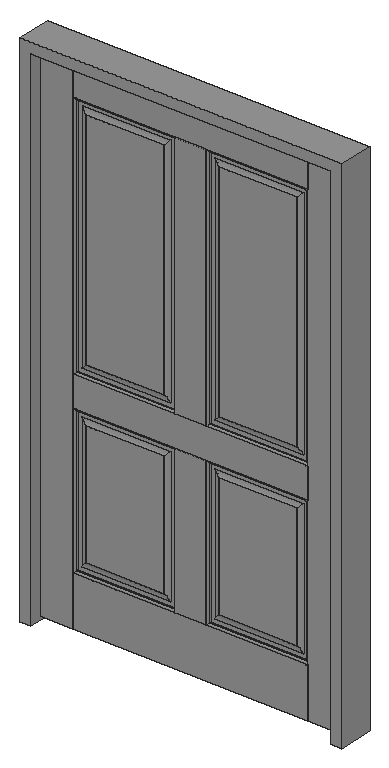
Revit family "V1200MER4PCARVE9", category Doors, host Wall, Revit 2015 (continued)
Automatic sketch dimensions
  Sweep 106 sketch curve to Sweep 106 sketch curve = 0 mm
  Sweep 106 sketch curve to profile plane = 0 mm
  profile plane to Sweep 106 sketch curve = 4 mm
  Sweep 106 sketch curve to profile plane = 4 mm
  plane 6 "Exterior" to Sweep 106 sketch curve = 59 mm
  Sweep 106 sketch curve to Sweep 106 sketch curve = 3.5 mm
  Sweep 107 sketch curve to plane 3 "Left" = 292.09 mm
  Sweep 107 sketch curve to Sweep 107 sketch curve = 47.403 mm  (x2)
  plane 5 to Sweep 107 sketch curve = 945.92 mm
  Sweep 107 sketch curve to profile plane = 0 mm
  profile plane to Sweep 107 sketch curve = 4 mm
  Sweep 107 sketch curve to profile plane = 4 mm
  plane 6 "Exterior" to Sweep 107 sketch curve = 59 mm
  Sweep 107 sketch curve to Sweep 107 sketch curve = 3.5 mm
  plane 3 "Left" to Sweep 108 sketch curve = 289.161 mm  (x2)
  Sweep 108 sketch curve to plane 5 = 857.927 mm
  plane 2 "Center (Left/Right)" to Sweep 108 sketch curve = 284.284 mm
  Sweep 108 sketch curve to Sweep 108 sketch curve = 15.295 mm  (x5)
  plane 3 "Left" to Sweep 108 sketch curve = 273.866 mm
  Sweep 108 sketch curve to profile plane = 0 mm
  profile plane to Sweep 108 sketch curve = 4 mm
  Sweep 108 sketch curve to profile plane = 4 mm
  plane 6 "Exterior" to Sweep 108 sketch curve = 59 mm
  Sweep 108 sketch curve to Sweep 108 sketch curve = 3.5 mm
  plane 2 "Center (Left/Right)" to Sweep 109 sketch curve = 261.918 mm
  Sweep 109 sketch curve to Sweep 109 sketch curve = 15.295 mm  (x6)
  Sweep 109 sketch curve to plane 5 = 964.143 mm
  Sweep 109 sketch curve to Sweep 109 sketch curve = 53.26 mm
  Sweep 109 sketch curve to Sweep 109 sketch curve = 0 mm
  Sweep 109 sketch curve to profile plane = 0 mm
  profile plane to Sweep 109 sketch curve = 4 mm
  Sweep 109 sketch curve to profile plane = 4 mm
  plane 6 "Exterior" to Sweep 109 sketch curve = 59 mm
  Sweep 109 sketch curve to Sweep 109 sketch curve = 3.5 mm
  Sweep 110 sketch curve to plane 2 "Center (Left/Right)" = 251.918 mm
  Sweep 110 sketch curve to Sweep 110 sketch curve = 47.403 mm  (x2)
  plane 5 to Sweep 110 sketch curve = 945.92 mm
  Sweep 110 sketch curve to profile plane = 0 mm
  profile plane to Sweep 110 sketch curve = 4 mm
  Sweep 110 sketch curve to profile plane = 4 mm
  plane 6 "Exterior" to Sweep 110 sketch curve = 59 mm
  Sweep 110 sketch curve to Sweep 110 sketch curve = 3.5 mm
  plane 2 "Center (Left/Right)" to Sweep 111 sketch curve = 254.847 mm  (x2)
  Sweep 111 sketch curve to plane 5 = 857.927 mm
  plane 2 "Center (Left/Right)" to Sweep 111 sketch curve = 186.292 mm
  Sweep 111 sketch curve to Sweep 111 sketch curve = 15.295 mm  (x5)
  plane 2 "Center (Left/Right)" to Sweep 111 sketch curve = 270.142 mm
  Sweep 111 sketch curve to profile plane = 0 mm
  profile plane to Sweep 111 sketch curve = 4 mm
  Sweep 111 sketch curve to profile plane = 4 mm
  plane 6 "Exterior" to Sweep 111 sketch curve = 59 mm
  Sweep 111 sketch curve to Sweep 111 sketch curve = 3.5 mm
  plane 2 "Center (Left/Right)" to Sweep 112 sketch curve = 163.926 mm
  Sweep 112 sketch curve to Sweep 112 sketch curve = 15.295 mm  (x6)
  Sweep 112 sketch curve to plane 5 = 964.143 mm
  Sweep 112 sketch curve to Sweep 112 sketch curve = 53.26 mm
  Sweep 112 sketch curve to Sweep 112 sketch curve = 0 mm
  Sweep 112 sketch curve to profile plane = 0 mm
  profile plane to Sweep 112 sketch curve = 4 mm
  Sweep 112 sketch curve to profile plane = 4 mm
  plane 6 "Exterior" to Sweep 112 sketch curve = 59 mm
  Sweep 112 sketch curve to Sweep 112 sketch curve = 3.5 mm
  Sweep 113 sketch curve to plane 2 "Center (Left/Right)" = 153.926 mm
  Sweep 113 sketch curve to Sweep 113 sketch curve = 14.426 mm
  plane 5 to Sweep 113 sketch curve = 945.92 mm
  Sweep 113 sketch curve to Sweep 113 sketch curve = 47.403 mm
  Sweep 113 sketch curve to profile plane = 0 mm
  profile plane to Sweep 113 sketch curve = 4 mm
  Sweep 113 sketch curve to profile plane = 4 mm
  plane 6 "Exterior" to Sweep 113 sketch curve = 59 mm
  Sweep 113 sketch curve to Sweep 113 sketch curve = 3.5 mm
  plane 2 "Center (Left/Right)" to Sweep 114 sketch curve = 156.855 mm  (x2)
  Sweep 114 sketch curve to plane 5 = 857.927 mm
  plane 2 "Center (Left/Right)" to Sweep 114 sketch curve = 172.15 mm
  Sweep 114 sketch curve to Sweep 114 sketch curve = 15.295 mm  (x2)
  Sweep 114 sketch curve to Sweep 114 sketch curve = 17.355 mm
  Sweep 114 sketch curve to profile plane = 0 mm
  profile plane to Sweep 114 sketch curve = 4 mm
  Sweep 114 sketch curve to profile plane = 4 mm
  plane 6 "Exterior" to Sweep 114 sketch curve = 59 mm
  Sweep 114 sketch curve to Sweep 114 sketch curve = 3.5 mm
  Sweep 115 sketch curve to plane 3 "Left" = 251.5 mm
  Sweep 115 sketch curve to Sweep 115 sketch curve = 15.295 mm  (x6)
  plane 5 to Sweep 115 sketch curve = 866.151 mm
  Sweep 115 sketch curve to Sweep 115 sketch curve = 53.26 mm
  Sweep 115 sketch curve to Sweep 115 sketch curve = 0 mm
  Sweep 115 sketch curve to profile plane = 0 mm
  profile plane to Sweep 115 sketch curve = 4 mm
  Sweep 115 sketch curve to profile plane = 4 mm
  plane 6 "Exterior" to Sweep 115 sketch curve = 59 mm
  Sweep 115 sketch curve to Sweep 115 sketch curve = 3.5 mm
  Sweep 116 sketch curve to plane 3 "Left" = 292.09 mm
  Sweep 116 sketch curve to Sweep 116 sketch curve = 47.403 mm  (x2)
  plane 5 to Sweep 116 sketch curve = 847.927 mm
  Sweep 116 sketch curve to profile plane = 0 mm
  profile plane to Sweep 116 sketch curve = 4 mm
  Sweep 116 sketch curve to profile plane = 4 mm
  plane 6 "Exterior" to Sweep 116 sketch curve = 59 mm
  Sweep 116 sketch curve to Sweep 116 sketch curve = 3.5 mm
  plane 3 "Left" to Sweep 117 sketch curve = 289.161 mm  (x2)
  Sweep 117 sketch curve to plane 5 = 759.935 mm
  plane 2 "Center (Left/Right)" to Sweep 117 sketch curve = 284.284 mm
  Sweep 117 sketch curve to Sweep 117 sketch curve = 15.295 mm  (x5)
  plane 3 "Left" to Sweep 117 sketch curve = 273.866 mm
  Sweep 117 sketch curve to profile plane = 0 mm
  profile plane to Sweep 117 sketch curve = 4 mm
  Sweep 117 sketch curve to profile plane = 4 mm
  plane 6 "Exterior" to Sweep 117 sketch curve = 59 mm
  Sweep 117 sketch curve to Sweep 117 sketch curve = 3.5 mm
  plane 2 "Center (Left/Right)" to Sweep 118 sketch curve = 261.918 mm
  Sweep 118 sketch curve to Sweep 118 sketch curve = 15.295 mm  (x6)
  Sweep 118 sketch curve to plane 5 = 866.151 mm
  Sweep 118 sketch curve to Sweep 118 sketch curve = 53.26 mm
  Sweep 118 sketch curve to Sweep 118 sketch curve = 0 mm
  Sweep 118 sketch curve to profile plane = 0 mm
  profile plane to Sweep 118 sketch curve = 4 mm
  Sweep 118 sketch curve to profile plane = 4 mm
  plane 6 "Exterior" to Sweep 118 sketch curve = 59 mm
  Sweep 118 sketch curve to Sweep 118 sketch curve = 3.5 mm
  Sweep 119 sketch curve to plane 2 "Center (Left/Right)" = 251.918 mm
  Sweep 119 sketch curve to Sweep 119 sketch curve = 47.403 mm  (x2)
  plane 5 to Sweep 119 sketch curve = 847.927 mm
  Sweep 119 sketch curve to profile plane = 0 mm
  profile plane to Sweep 119 sketch curve = 4 mm
  Sweep 119 sketch curve to profile plane = 4 mm
  plane 6 "Exterior" to Sweep 119 sketch curve = 59 mm
  Sweep 119 sketch curve to Sweep 119 sketch curve = 3.5 mm
  plane 2 "Center (Left/Right)" to Sweep 120 sketch curve = 254.847 mm  (x2)
  Sweep 120 sketch curve to plane 5 = 759.935 mm
  plane 2 "Center (Left/Right)" to Sweep 120 sketch curve = 186.292 mm
  Sweep 120 sketch curve to Sweep 120 sketch curve = 15.295 mm  (x5)
  plane 2 "Center (Left/Right)" to Sweep 120 sketch curve = 270.142 mm
  Sweep 120 sketch curve to profile plane = 0 mm
  profile plane to Sweep 120 sketch curve = 4 mm
  Sweep 120 sketch curve to profile plane = 4 mm
  plane 6 "Exterior" to Sweep 120 sketch curve = 59 mm
  Sweep 120 sketch curve to Sweep 120 sketch curve = 3.5 mm
  plane 2 "Center (Left/Right)" to Sweep 121 sketch curve = 163.926 mm
  Sweep 121 sketch curve to Sweep 121 sketch curve = 15.295 mm  (x6)
  Sweep 121 sketch curve to plane 5 = 866.151 mm
  Sweep 121 sketch curve to Sweep 121 sketch curve = 53.26 mm
  Sweep 121 sketch curve to Sweep 121 sketch curve = 0 mm
  Sweep 121 sketch curve to profile plane = 0 mm
  profile plane to Sweep 121 sketch curve = 4 mm
  Sweep 121 sketch curve to profile plane = 4 mm
  plane 6 "Exterior" to Sweep 121 sketch curve = 59 mm
  Sweep 121 sketch curve to Sweep 121 sketch curve = 3.5 mm
  Sweep 122 sketch curve to plane 2 "Center (Left/Right)" = 153.926 mm
  Sweep 122 sketch curve to Sweep 122 sketch curve = 14.426 mm
  plane 5 to Sweep 122 sketch curve = 847.927 mm
  Sweep 122 sketch curve to Sweep 122 sketch curve = 47.403 mm
  Sweep 122 sketch curve to profile plane = 0 mm
  profile plane to Sweep 122 sketch curve = 4 mm
  Sweep 122 sketch curve to profile plane = 4 mm
  plane 6 "Exterior" to Sweep 122 sketch curve = 59 mm
  Sweep 122 sketch curve to Sweep 122 sketch curve = 3.5 mm
  plane 2 "Center (Left/Right)" to Sweep 123 sketch curve = 156.855 mm  (x2)
  Sweep 123 sketch curve to plane 5 = 759.935 mm
  plane 2 "Center (Left/Right)" to Sweep 123 sketch curve = 172.15 mm
  Sweep 123 sketch curve to Sweep 123 sketch curve = 15.295 mm  (x2)
  Sweep 123 sketch curve to Sweep 123 sketch curve = 17.355 mm
  Sweep 123 sketch curve to profile plane = 0 mm
  profile plane to Sweep 123 sketch curve = 4 mm
  Sweep 123 sketch curve to profile plane = 4 mm
  plane 6 "Exterior" to Sweep 123 sketch curve = 59 mm
  Sweep 123 sketch curve to Sweep 123 sketch curve = 3.5 mm
  Sweep 124 sketch curve to plane 3 "Left" = 251.5 mm
  Sweep 124 sketch curve to Sweep 124 sketch curve = 15.295 mm  (x6)
  plane 5 to Sweep 124 sketch curve = 768.159 mm
  Sweep 124 sketch curve to Sweep 124 sketch curve = 53.26 mm
  Sweep 124 sketch curve to Sweep 124 sketch curve = 0 mm
  Sweep 124 sketch curve to profile plane = 0 mm
  profile plane to Sweep 124 sketch curve = 4 mm
  Sweep 124 sketch curve to profile plane = 4 mm
  plane 6 "Exterior" to Sweep 124 sketch curve = 59 mm
  Sweep 124 sketch curve to Sweep 124 sketch curve = 3.5 mm
  Sweep 125 sketch curve to plane 3 "Left" = 292.09 mm
  Sweep 125 sketch curve to Sweep 125 sketch curve = 47.403 mm  (x2)
  plane 5 to Sweep 125 sketch curve = 749.935 mm
  Sweep 125 sketch curve to profile plane = 0 mm
  profile plane to Sweep 125 sketch curve = 4 mm
  Sweep 125 sketch curve to profile plane = 4 mm
  plane 6 "Exterior" to Sweep 125 sketch curve = 59 mm
  Sweep 125 sketch curve to Sweep 125 sketch curve = 3.5 mm
  plane 3 "Left" to Sweep 126 sketch curve = 289.161 mm  (x2)
  Sweep 126 sketch curve to plane 5 = 661.942 mm
  plane 2 "Center (Left/Right)" to Sweep 126 sketch curve = 284.284 mm
  Sweep 126 sketch curve to Sweep 126 sketch curve = 15.295 mm  (x5)
  plane 3 "Left" to Sweep 126 sketch curve = 273.866 mm
  Sweep 126 sketch curve to profile plane = 0 mm
  profile plane to Sweep 126 sketch curve = 4 mm
  Sweep 126 sketch curve to profile plane = 4 mm
  plane 6 "Exterior" to Sweep 126 sketch curve = 59 mm
  Sweep 126 sketch curve to Sweep 126 sketch curve = 3.5 mm
  plane 2 "Center (Left/Right)" to Sweep 127 sketch curve = 261.918 mm
  Sweep 127 sketch curve to Sweep 127 sketch curve = 15.295 mm  (x6)
  Sweep 127 sketch curve to plane 5 = 768.159 mm
  Sweep 127 sketch curve to Sweep 127 sketch curve = 53.26 mm
  Sweep 127 sketch curve to Sweep 127 sketch curve = 0 mm
  Sweep 127 sketch curve to profile plane = 0 mm
  profile plane to Sweep 127 sketch curve = 4 mm
  Sweep 127 sketch curve to profile plane = 4 mm
  plane 6 "Exterior" to Sweep 127 sketch curve = 59 mm
  Sweep 127 sketch curve to Sweep 127 sketch curve = 3.5 mm
  Sweep 128 sketch curve to plane 2 "Center (Left/Right)" = 251.918 mm
  Sweep 128 sketch curve to Sweep 128 sketch curve = 47.403 mm  (x2)
  plane 5 to Sweep 128 sketch curve = 749.935 mm
  Sweep 128 sketch curve to profile plane = 0 mm
  profile plane to Sweep 128 sketch curve = 4 mm
  Sweep 128 sketch curve to profile plane = 4 mm
  plane 6 "Exterior" to Sweep 128 sketch curve = 59 mm
  Sweep 128 sketch curve to Sweep 128 sketch curve = 3.5 mm
  plane 2 "Center (Left/Right)" to Sweep 129 sketch curve = 254.847 mm  (x2)
  Sweep 129 sketch curve to plane 5 = 661.942 mm
  plane 2 "Center (Left/Right)" to Sweep 129 sketch curve = 186.292 mm
  Sweep 129 sketch curve to Sweep 129 sketch curve = 15.295 mm  (x5)
  plane 2 "Center (Left/Right)" to Sweep 129 sketch curve = 270.142 mm
  Sweep 129 sketch curve to profile plane = 0 mm
  profile plane to Sweep 129 sketch curve = 4 mm
  Sweep 129 sketch curve to profile plane = 4 mm
  plane 6 "Exterior" to Sweep 129 sketch curve = 59 mm
  Sweep 129 sketch curve to Sweep 129 sketch curve = 3.5 mm
  plane 2 "Center (Left/Right)" to Sweep 130 sketch curve = 163.926 mm
  Sweep 130 sketch curve to Sweep 130 sketch curve = 15.295 mm  (x6)
  Sweep 130 sketch curve to plane 5 = 768.159 mm
  Sweep 130 sketch curve to Sweep 130 sketch curve = 53.26 mm
  Sweep 130 sketch curve to Sweep 130 sketch curve = 0 mm
  Sweep 130 sketch curve to profile plane = 0 mm
  profile plane to Sweep 130 sketch curve = 4 mm
  Sweep 130 sketch curve to profile plane = 4 mm
  plane 6 "Exterior" to Sweep 130 sketch curve = 59 mm
  Sweep 130 sketch curve to Sweep 130 sketch curve = 3.5 mm
  Sweep 131 sketch curve to plane 2 "Center (Left/Right)" = 153.926 mm
  Sweep 131 sketch curve to Sweep 131 sketch curve = 14.426 mm
  plane 5 to Sweep 131 sketch curve = 749.935 mm
  Sweep 131 sketch curve to Sweep 131 sketch curve = 47.403 mm
  Sweep 131 sketch curve to profile plane = 0 mm
  profile plane to Sweep 131 sketch curve = 4 mm
  Sweep 131 sketch curve to profile plane = 4 mm
  plane 6 "Exterior" to Sweep 131 sketch curve = 59 mm
  Sweep 131 sketch curve to Sweep 131 sketch curve = 3.5 mm
  plane 2 "Center (Left/Right)" to Sweep 132 sketch curve = 156.855 mm  (x2)
  Sweep 132 sketch curve to plane 5 = 661.942 mm
  plane 2 "Center (Left/Right)" to Sweep 132 sketch curve = 172.15 mm
  Sweep 132 sketch curve to Sweep 132 sketch curve = 15.295 mm  (x2)
  Sweep 132 sketch curve to Sweep 132 sketch curve = 17.355 mm
  Sweep 132 sketch curve to profile plane = 0 mm
  profile plane to Sweep 132 sketch curve = 4 mm
  Sweep 132 sketch curve to profile plane = 4 mm
  plane 6 "Exterior" to Sweep 132 sketch curve = 59 mm
  Sweep 132 sketch curve to Sweep 132 sketch curve = 3.5 mm
  Sweep 133 sketch curve to plane 3 "Left" = 251.5 mm
  Sweep 133 sketch curve to Sweep 133 sketch curve = 15.295 mm  (x6)
  plane 5 to Sweep 133 sketch curve = 670.166 mm
  Sweep 133 sketch curve to Sweep 133 sketch curve = 53.26 mm
  Sweep 133 sketch curve to Sweep 133 sketch curve = 0 mm
  Sweep 133 sketch curve to profile plane = 0 mm
  profile plane to Sweep 133 sketch curve = 4 mm
  Sweep 133 sketch curve to profile plane = 4 mm
  plane 6 "Exterior" to Sweep 133 sketch curve = 59 mm
  Sweep 133 sketch curve to Sweep 133 sketch curve = 3.5 mm
  Sweep 134 sketch curve to plane 3 "Left" = 292.09 mm
  Sweep 134 sketch curve to Sweep 134 sketch curve = 47.403 mm  (x2)
  plane 5 to Sweep 134 sketch curve = 651.942 mm
  Sweep 134 sketch curve to profile plane = 0 mm
  profile plane to Sweep 134 sketch curve = 4 mm
  Sweep 134 sketch curve to profile plane = 4 mm
  plane 6 "Exterior" to Sweep 134 sketch curve = 59 mm
  Sweep 134 sketch curve to Sweep 134 sketch curve = 3.5 mm
  Sweep 135 sketch curve to plane 5 = 563.95 mm
  plane 2 "Center (Left/Right)" to Sweep 135 sketch curve = 284.284 mm
  Sweep 135 sketch curve to Sweep 135 sketch curve = 15.295 mm  (x6)
  plane 3 "Left" to Sweep 135 sketch curve = 273.866 mm
  plane 3 "Left" to Sweep 135 sketch curve = 289.161 mm
  Sweep 135 sketch curve to profile plane = 0 mm
  profile plane to Sweep 135 sketch curve = 4 mm
  Sweep 135 sketch curve to profile plane = 4 mm
  plane 6 "Exterior" to Sweep 135 sketch curve = 59 mm
  Sweep 135 sketch curve to Sweep 135 sketch curve = 3.5 mm
  plane 2 "Center (Left/Right)" to Sweep 136 sketch curve = 261.918 mm
  Sweep 136 sketch curve to Sweep 136 sketch curve = 15.295 mm  (x6)
  Sweep 136 sketch curve to plane 5 = 670.166 mm
  Sweep 136 sketch curve to Sweep 136 sketch curve = 53.26 mm
  Sweep 136 sketch curve to Sweep 136 sketch curve = 0 mm
  Sweep 136 sketch curve to profile plane = 0 mm
  profile plane to Sweep 136 sketch curve = 4 mm
  Sweep 136 sketch curve to profile plane = 4 mm
  plane 6 "Exterior" to Sweep 136 sketch curve = 59 mm
  Sweep 136 sketch curve to Sweep 136 sketch curve = 3.5 mm
  Sweep 137 sketch curve to plane 2 "Center (Left/Right)" = 251.918 mm
  Sweep 137 sketch curve to Sweep 137 sketch curve = 47.403 mm  (x2)
  plane 5 to Sweep 137 sketch curve = 651.942 mm
  Sweep 137 sketch curve to profile plane = 0 mm
  profile plane to Sweep 137 sketch curve = 4 mm
  Sweep 137 sketch curve to profile plane = 4 mm
  plane 6 "Exterior" to Sweep 137 sketch curve = 59 mm
  Sweep 137 sketch curve to Sweep 137 sketch curve = 3.5 mm
  plane 2 "Center (Left/Right)" to Sweep 138 sketch curve = 254.847 mm  (x2)
  Sweep 138 sketch curve to plane 5 = 563.95 mm
  plane 2 "Center (Left/Right)" to Sweep 138 sketch curve = 186.292 mm
  Sweep 138 sketch curve to Sweep 138 sketch curve = 15.295 mm  (x5)
  plane 2 "Center (Left/Right)" to Sweep 138 sketch curve = 270.142 mm
  Sweep 138 sketch curve to profile plane = 0 mm
  profile plane to Sweep 138 sketch curve = 4 mm
  Sweep 138 sketch curve to profile plane = 4 mm
  plane 6 "Exterior" to Sweep 138 sketch curve = 59 mm
  Sweep 138 sketch curve to Sweep 138 sketch curve = 3.5 mm
  plane 2 "Center (Left/Right)" to Sweep 139 sketch curve = 163.926 mm
  Sweep 139 sketch curve to Sweep 139 sketch curve = 15.295 mm  (x6)
  Sweep 139 sketch curve to plane 5 = 670.166 mm
  Sweep 139 sketch curve to Sweep 139 sketch curve = 53.26 mm
  Sweep 139 sketch curve to Sweep 139 sketch curve = 0 mm
  Sweep 139 sketch curve to profile plane = 0 mm
  profile plane to Sweep 139 sketch curve = 4 mm
  Sweep 139 sketch curve to profile plane = 4 mm
  plane 6 "Exterior" to Sweep 139 sketch curve = 59 mm
  Sweep 139 sketch curve to Sweep 139 sketch curve = 3.5 mm
  Sweep 140 sketch curve to plane 2 "Center (Left/Right)" = 153.926 mm
  Sweep 140 sketch curve to Sweep 140 sketch curve = 14.426 mm
  plane 5 to Sweep 140 sketch curve = 651.942 mm
  Sweep 140 sketch curve to Sweep 140 sketch curve = 47.403 mm
  Sweep 140 sketch curve to profile plane = 0 mm
  profile plane to Sweep 140 sketch curve = 4 mm
  Sweep 140 sketch curve to profile plane = 4 mm
  plane 6 "Exterior" to Sweep 140 sketch curve = 59 mm
  Sweep 140 sketch curve to Sweep 140 sketch curve = 3.5 mm
  plane 2 "Center (Left/Right)" to Sweep 141 sketch curve = 156.855 mm  (x2)
  Sweep 141 sketch curve to plane 5 = 563.95 mm
  plane 2 "Center (Left/Right)" to Sweep 141 sketch curve = 172.15 mm
  Sweep 141 sketch curve to Sweep 141 sketch curve = 15.295 mm  (x2)
  Sweep 141 sketch curve to Sweep 141 sketch curve = 17.355 mm
  Sweep 141 sketch curve to profile plane = 0 mm
  profile plane to Sweep 141 sketch curve = 4 mm
  Sweep 141 sketch curve to profile plane = 4 mm
  plane 6 "Exterior" to Sweep 141 sketch curve = 59 mm
  Sweep 141 sketch curve to Sweep 141 sketch curve = 3.5 mm
  Sweep 142 sketch curve to plane 3 "Left" = 251.5 mm
  Sweep 142 sketch curve to Sweep 142 sketch curve = 15.295 mm  (x6)
  plane 5 to Sweep 142 sketch curve = 572.173 mm
  Sweep 142 sketch curve to Sweep 142 sketch curve = 53.26 mm
  Sweep 142 sketch curve to Sweep 142 sketch curve = 0 mm
  Sweep 142 sketch curve to profile plane = 0 mm
  profile plane to Sweep 142 sketch curve = 4 mm
  Sweep 142 sketch curve to profile plane = 4 mm
  plane 6 "Exterior" to Sweep 142 sketch curve = 59 mm
  Sweep 142 sketch curve to Sweep 142 sketch curve = 3.5 mm
  Sweep 143 sketch curve to plane 3 "Left" = 292.09 mm
  Sweep 143 sketch curve to Sweep 143 sketch curve = 47.403 mm  (x2)
  plane 5 to Sweep 143 sketch curve = 553.95 mm
  Sweep 143 sketch curve to profile plane = 0 mm
  profile plane to Sweep 143 sketch curve = 4 mm
  Sweep 143 sketch curve to profile plane = 4 mm
  plane 6 "Exterior" to Sweep 143 sketch curve = 59 mm
  Sweep 143 sketch curve to Sweep 143 sketch curve = 3.5 mm
  Sweep 144 sketch curve to plane 5 = 465.957 mm
  Sweep 144 sketch curve to Sweep 144 sketch curve = 15.295 mm  (x6)
  plane 2 "Center (Left/Right)" to Sweep 144 sketch curve = 284.284 mm
  Sweep 144 sketch curve to Sweep 144 sketch curve = 53.26 mm
  Sweep 144 sketch curve to Sweep 144 sketch curve = 0 mm
  Sweep 144 sketch curve to profile plane = 0 mm
  profile plane to Sweep 144 sketch curve = 4 mm
  Sweep 144 sketch curve to profile plane = 4 mm
  plane 6 "Exterior" to Sweep 144 sketch curve = 59 mm
  Sweep 144 sketch curve to Sweep 144 sketch curve = 3.5 mm
  plane 2 "Center (Left/Right)" to Sweep 145 sketch curve = 261.918 mm
  Sweep 145 sketch curve to Sweep 145 sketch curve = 15.295 mm  (x6)
  Sweep 145 sketch curve to plane 5 = 572.173 mm
  Sweep 145 sketch curve to Sweep 145 sketch curve = 53.26 mm
  Sweep 145 sketch curve to Sweep 145 sketch curve = 0 mm
  Sweep 145 sketch curve to profile plane = 0 mm
  profile plane to Sweep 145 sketch curve = 4 mm
  Sweep 145 sketch curve to profile plane = 4 mm
  plane 6 "Exterior" to Sweep 145 sketch curve = 59 mm
  Sweep 145 sketch curve to Sweep 145 sketch curve = 3.5 mm
  Sweep 146 sketch curve to plane 2 "Center (Left/Right)" = 251.918 mm
  Sweep 146 sketch curve to Sweep 146 sketch curve = 47.403 mm  (x2)
  plane 5 to Sweep 146 sketch curve = 553.95 mm
  Sweep 146 sketch curve to profile plane = 0 mm
  profile plane to Sweep 146 sketch curve = 4 mm
  Sweep 146 sketch curve to profile plane = 4 mm
  plane 6 "Exterior" to Sweep 146 sketch curve = 59 mm
  Sweep 146 sketch curve to Sweep 146 sketch curve = 3.5 mm
  Sweep 147 sketch curve to plane 5 = 465.957 mm
  plane 2 "Center (Left/Right)" to Sweep 147 sketch curve = 186.292 mm
  Sweep 147 sketch curve to Sweep 147 sketch curve = 15.295 mm  (x6)
  Sweep 147 sketch curve to Sweep 147 sketch curve = 53.26 mm
  Sweep 147 sketch curve to Sweep 147 sketch curve = 0 mm
  Sweep 147 sketch curve to profile plane = 0 mm
  profile plane to Sweep 147 sketch curve = 4 mm
  Sweep 147 sketch curve to profile plane = 4 mm
  plane 6 "Exterior" to Sweep 147 sketch curve = 59 mm
  Sweep 147 sketch curve to Sweep 147 sketch curve = 3.5 mm
  plane 2 "Center (Left/Right)" to Sweep 148 sketch curve = 163.926 mm
  Sweep 148 sketch curve to Sweep 148 sketch curve = 15.295 mm  (x6)
  Sweep 148 sketch curve to plane 5 = 572.173 mm
  Sweep 148 sketch curve to Sweep 148 sketch curve = 53.26 mm
  Sweep 148 sketch curve to Sweep 148 sketch curve = 0 mm
  Sweep 148 sketch curve to profile plane = 0 mm
  profile plane to Sweep 148 sketch curve = 4 mm
  Sweep 148 sketch curve to profile plane = 4 mm
  plane 6 "Exterior" to Sweep 148 sketch curve = 59 mm
  Sweep 148 sketch curve to Sweep 148 sketch curve = 3.5 mm
  Sweep 149 sketch curve to plane 2 "Center (Left/Right)" = 153.926 mm
  Sweep 149 sketch curve to Sweep 149 sketch curve = 14.426 mm
  plane 5 to Sweep 149 sketch curve = 553.95 mm
  Sweep 149 sketch curve to Sweep 149 sketch curve = 47.403 mm
  Sweep 149 sketch curve to profile plane = 0 mm
  profile plane to Sweep 149 sketch curve = 4 mm
  Sweep 149 sketch curve to profile plane = 4 mm
  plane 6 "Exterior" to Sweep 149 sketch curve = 59 mm
  Sweep 149 sketch curve to Sweep 149 sketch curve = 3.5 mm
  plane 2 "Center (Left/Right)" to Sweep 150 sketch curve = 156.855 mm  (x2)
  Sweep 150 sketch curve to plane 5 = 465.957 mm
  plane 2 "Center (Left/Right)" to Sweep 150 sketch curve = 172.15 mm
  Sweep 150 sketch curve to Sweep 150 sketch curve = 15.295 mm  (x2)
  Sweep 150 sketch curve to Sweep 150 sketch curve = 17.355 mm
  Sweep 150 sketch curve to profile plane = 0 mm
  profile plane to Sweep 150 sketch curve = 4 mm
  Sweep 150 sketch curve to profile plane = 4 mm
  plane 6 "Exterior" to Sweep 150 sketch curve = 59 mm
  Sweep 150 sketch curve to Sweep 150 sketch curve = 3.5 mm
  Sweep 151 sketch curve to plane 3 "Left" = 251.5 mm
  Sweep 151 sketch curve to Sweep 151 sketch curve = 15.295 mm  (x6)
  plane 5 to Sweep 151 sketch curve = 474.181 mm
  Sweep 151 sketch curve to Sweep 151 sketch curve = 53.26 mm
  Sweep 151 sketch curve to Sweep 151 sketch curve = 0 mm
  Sweep 151 sketch curve to profile plane = 0 mm
  profile plane to Sweep 151 sketch curve = 4 mm
  Sweep 151 sketch curve to profile plane = 4 mm
  plane 6 "Exterior" to Sweep 151 sketch curve = 59 mm
  Sweep 151 sketch curve to Sweep 151 sketch curve = 3.5 mm
  Sweep 152 sketch curve to plane 3 "Left" = 292.09 mm
  Sweep 152 sketch curve to Sweep 152 sketch curve = 47.403 mm  (x2)
  plane 5 to Sweep 152 sketch curve = 455.957 mm
  Sweep 152 sketch curve to profile plane = 0 mm
  profile plane to Sweep 152 sketch curve = 4 mm
  Sweep 152 sketch curve to profile plane = 4 mm
  plane 6 "Exterior" to Sweep 152 sketch curve = 59 mm
  Sweep 152 sketch curve to Sweep 152 sketch curve = 3.5 mm
  Sweep 153 sketch curve to plane 5 = 367.965 mm
  Sweep 153 sketch curve to Sweep 153 sketch curve = 15.295 mm  (x6)
  plane 2 "Center (Left/Right)" to Sweep 153 sketch curve = 284.284 mm
  Sweep 153 sketch curve to Sweep 153 sketch curve = 53.26 mm
  Sweep 153 sketch curve to Sweep 153 sketch curve = 0 mm
  Sweep 153 sketch curve to profile plane = 0 mm
  profile plane to Sweep 153 sketch curve = 4 mm
  Sweep 153 sketch curve to profile plane = 4 mm
  plane 6 "Exterior" to Sweep 153 sketch curve = 59 mm
  Sweep 153 sketch curve to Sweep 153 sketch curve = 3.5 mm
  plane 2 "Center (Left/Right)" to Sweep 154 sketch curve = 261.918 mm
  Sweep 154 sketch curve to Sweep 154 sketch curve = 15.295 mm  (x6)
  Sweep 154 sketch curve to plane 5 = 474.181 mm
  Sweep 154 sketch curve to Sweep 154 sketch curve = 53.26 mm
  Sweep 154 sketch curve to Sweep 154 sketch curve = 0 mm
  Sweep 154 sketch curve to profile plane = 0 mm
  profile plane to Sweep 154 sketch curve = 4 mm
  Sweep 154 sketch curve to profile plane = 4 mm
  plane 6 "Exterior" to Sweep 154 sketch curve = 59 mm
  Sweep 154 sketch curve to Sweep 154 sketch curve = 3.5 mm
  Sweep 155 sketch curve to plane 2 "Center (Left/Right)" = 251.918 mm
  Sweep 155 sketch curve to Sweep 155 sketch curve = 47.403 mm  (x2)
  plane 5 to Sweep 155 sketch curve = 455.957 mm
  Sweep 155 sketch curve to profile plane = 0 mm
  profile plane to Sweep 155 sketch curve = 4 mm
  Sweep 155 sketch curve to profile plane = 4 mm
  plane 6 "Exterior" to Sweep 155 sketch curve = 59 mm
  Sweep 155 sketch curve to Sweep 155 sketch curve = 3.5 mm
  Sweep 156 sketch curve to plane 5 = 367.965 mm
  plane 2 "Center (Left/Right)" to Sweep 156 sketch curve = 186.292 mm
  Sweep 156 sketch curve to Sweep 156 sketch curve = 15.295 mm  (x6)
  Sweep 156 sketch curve to Sweep 156 sketch curve = 53.26 mm
  Sweep 156 sketch curve to Sweep 156 sketch curve = 0 mm
  Sweep 156 sketch curve to profile plane = 0 mm
  profile plane to Sweep 156 sketch curve = 4 mm
  Sweep 156 sketch curve to profile plane = 4 mm
  plane 6 "Exterior" to Sweep 156 sketch curve = 59 mm
  Sweep 156 sketch curve to Sweep 156 sketch curve = 3.5 mm
  plane 2 "Center (Left/Right)" to Sweep 157 sketch curve = 163.926 mm
  Sweep 157 sketch curve to Sweep 157 sketch curve = 15.295 mm  (x6)
  Sweep 157 sketch curve to plane 5 = 474.181 mm
  Sweep 157 sketch curve to Sweep 157 sketch curve = 53.26 mm
  Sweep 157 sketch curve to Sweep 157 sketch curve = 0 mm
  Sweep 157 sketch curve to profile plane = 0 mm
  profile plane to Sweep 157 sketch curve = 4 mm
  Sweep 157 sketch curve to profile plane = 4 mm
  plane 6 "Exterior" to Sweep 157 sketch curve = 59 mm
  Sweep 157 sketch curve to Sweep 157 sketch curve = 3.5 mm
  Sweep 158 sketch curve to plane 2 "Center (Left/Right)" = 153.926 mm
  Sweep 158 sketch curve to Sweep 158 sketch curve = 14.426 mm
  plane 5 to Sweep 158 sketch curve = 455.957 mm
  Sweep 158 sketch curve to Sweep 158 sketch curve = 47.403 mm
  Sweep 158 sketch curve to profile plane = 0 mm
  profile plane to Sweep 158 sketch curve = 4 mm
  Sweep 158 sketch curve to profile plane = 4 mm
  plane 6 "Exterior" to Sweep 158 sketch curve = 59 mm
  Sweep 158 sketch curve to Sweep 158 sketch curve = 3.5 mm
  plane 2 "Center (Left/Right)" to Sweep 159 sketch curve = 156.855 mm  (x2)
  Sweep 159 sketch curve to plane 5 = 367.965 mm
  plane 2 "Center (Left/Right)" to Sweep 159 sketch curve = 172.15 mm
  Sweep 159 sketch curve to Sweep 159 sketch curve = 15.295 mm  (x2)
  Sweep 159 sketch curve to Sweep 159 sketch curve = 17.355 mm
  Sweep 159 sketch curve to profile plane = 0 mm
  profile plane to Sweep 159 sketch curve = 4 mm
  Sweep 159 sketch curve to profile plane = 4 mm
  plane 6 "Exterior" to Sweep 159 sketch curve = 59 mm
  Sweep 159 sketch curve to Sweep 159 sketch curve = 3.5 mm
  Sweep 160 sketch curve to plane 3 "Left" = 251.5 mm
  Sweep 160 sketch curve to Sweep 160 sketch curve = 15.295 mm  (x6)
  plane 5 to Sweep 160 sketch curve = 376.189 mm
  Sweep 160 sketch curve to Sweep 160 sketch curve = 53.26 mm
  Sweep 160 sketch curve to Sweep 160 sketch curve = 0 mm
  Sweep 160 sketch curve to profile plane = 0 mm
  profile plane to Sweep 160 sketch curve = 4 mm
  Sweep 160 sketch curve to profile plane = 4 mm
  plane 6 "Exterior" to Sweep 160 sketch curve = 59 mm
  Sweep 160 sketch curve to Sweep 160 sketch curve = 3.5 mm
  Sweep 161 sketch curve to plane 3 "Left" = 292.09 mm
  Sweep 161 sketch curve to Sweep 161 sketch curve = 47.403 mm  (x2)
  plane 5 to Sweep 161 sketch curve = 357.965 mm
  Sweep 161 sketch curve to profile plane = 0 mm
  profile plane to Sweep 161 sketch curve = 4 mm
  Sweep 161 sketch curve to profile plane = 4 mm
  plane 6 "Exterior" to Sweep 161 sketch curve = 59 mm
  Sweep 161 sketch curve to Sweep 161 sketch curve = 3.5 mm
  Sweep 162 sketch curve to plane 5 = 269.973 mm
  Sweep 162 sketch curve to Sweep 162 sketch curve = 15.295 mm  (x6)
  plane 2 "Center (Left/Right)" to Sweep 162 sketch curve = 284.284 mm
  Sweep 162 sketch curve to Sweep 162 sketch curve = 53.26 mm
  Sweep 162 sketch curve to Sweep 162 sketch curve = 0 mm
  Sweep 162 sketch curve to profile plane = 0 mm
  profile plane to Sweep 162 sketch curve = 4 mm
  Sweep 162 sketch curve to profile plane = 4 mm
  plane 6 "Exterior" to Sweep 162 sketch curve = 59 mm
  Sweep 162 sketch curve to Sweep 162 sketch curve = 3.5 mm
  plane 2 "Center (Left/Right)" to Sweep 163 sketch curve = 261.918 mm
  Sweep 163 sketch curve to Sweep 163 sketch curve = 15.295 mm  (x6)
  Sweep 163 sketch curve to plane 5 = 376.189 mm
  Sweep 163 sketch curve to Sweep 163 sketch curve = 53.26 mm
  Sweep 163 sketch curve to Sweep 163 sketch curve = 0 mm
  Sweep 163 sketch curve to profile plane = 0 mm
  profile plane to Sweep 163 sketch curve = 4 mm
  Sweep 163 sketch curve to profile plane = 4 mm
  plane 6 "Exterior" to Sweep 163 sketch curve = 59 mm
  Sweep 163 sketch curve to Sweep 163 sketch curve = 3.5 mm
  Sweep 164 sketch curve to plane 2 "Center (Left/Right)" = 251.918 mm
  Sweep 164 sketch curve to Sweep 164 sketch curve = 47.403 mm  (x2)
  plane 5 to Sweep 164 sketch curve = 357.965 mm
  Sweep 164 sketch curve to profile plane = 0 mm
  profile plane to Sweep 164 sketch curve = 4 mm
  Sweep 164 sketch curve to profile plane = 4 mm
  plane 6 "Exterior" to Sweep 164 sketch curve = 59 mm
  Sweep 164 sketch curve to Sweep 164 sketch curve = 3.5 mm
  Sweep 165 sketch curve to plane 5 = 269.973 mm
  Sweep 165 sketch curve to Sweep 165 sketch curve = 15.295 mm  (x6)
  plane 2 "Center (Left/Right)" to Sweep 165 sketch curve = 186.292 mm
  Sweep 165 sketch curve to Sweep 165 sketch curve = 53.26 mm
  Sweep 165 sketch curve to Sweep 165 sketch curve = 0 mm
  Sweep 165 sketch curve to profile plane = 0 mm
  profile plane to Sweep 165 sketch curve = 4 mm
  Sweep 165 sketch curve to profile plane = 4 mm
  plane 6 "Exterior" to Sweep 165 sketch curve = 59 mm
  Sweep 165 sketch curve to Sweep 165 sketch curve = 3.5 mm
  plane 2 "Center (Left/Right)" to Sweep 166 sketch curve = 163.926 mm
  Sweep 166 sketch curve to Sweep 166 sketch curve = 15.295 mm  (x6)
  Sweep 166 sketch curve to plane 5 = 376.189 mm
  Sweep 166 sketch curve to Sweep 166 sketch curve = 53.26 mm
  Sweep 166 sketch curve to Sweep 166 sketch curve = 0 mm
  Sweep 166 sketch curve to profile plane = 0 mm
  profile plane to Sweep 166 sketch curve = 4 mm
  Sweep 166 sketch curve to profile plane = 4 mm
  plane 6 "Exterior" to Sweep 166 sketch curve = 59 mm
  Sweep 166 sketch curve to Sweep 166 sketch curve = 3.5 mm
  Sweep 167 sketch curve to plane 2 "Center (Left/Right)" = 153.926 mm
  Sweep 167 sketch curve to Sweep 167 sketch curve = 14.426 mm
  plane 5 to Sweep 167 sketch curve = 357.965 mm
  Sweep 167 sketch curve to Sweep 167 sketch curve = 47.403 mm
  Sweep 167 sketch curve to profile plane = 0 mm
  profile plane to Sweep 167 sketch curve = 4 mm
  Sweep 167 sketch curve to profile plane = 4 mm
  plane 6 "Exterior" to Sweep 167 sketch curve = 59 mm
  Sweep 167 sketch curve to Sweep 167 sketch curve = 3.5 mm
  Sweep 168 sketch curve to plane 5 = 269.973 mm
  Sweep 168 sketch curve to Sweep 168 sketch curve = 15.295 mm  (x3)
  plane 2 "Center (Left/Right)" to Sweep 168 sketch curve = 139.5 mm
  Sweep 168 sketch curve to Sweep 168 sketch curve = 17.355 mm  (x2)
  Sweep 168 sketch curve to profile plane = 0 mm
  profile plane to Sweep 168 sketch curve = 4 mm
  Sweep 168 sketch curve to profile plane = 4 mm
  plane 6 "Exterior" to Sweep 168 sketch curve = 59 mm
  Sweep 168 sketch curve to Sweep 168 sketch curve = 3.5 mm
  Sweep 169 sketch curve to plane 2 "Center (Left/Right)" = 163.926 mm
  Sweep 169 sketch curve to Sweep 169 sketch curve = 15.295 mm  (x3)
  plane 5 to Sweep 169 sketch curve = 251.5 mm
  Sweep 169 sketch curve to Sweep 169 sketch curve = 11.401 mm  (x2)
  Sweep 169 sketch curve to profile plane = 0 mm
  Sweep 169 sketch curve to profile plane = 4 mm
  plane 6 "Exterior" to Sweep 169 sketch curve = 59 mm
  Sweep 169 sketch curve to Sweep 169 sketch curve = 3.5 mm
  profile plane to Sweep 169 sketch curve = 4 mm
  plane 2 "Center (Left/Right)" to Sweep 170 sketch curve = 292.508 mm
  Sweep 170 sketch curve to Sweep 170 sketch curve = 15.295 mm  (x3)
  Sweep 170 sketch curve to plane 5 = 251.5 mm
  Sweep 170 sketch curve to Sweep 170 sketch curve = 11.401 mm  (x2)
  Sweep 170 sketch curve to profile plane = 0 mm
  profile plane to Sweep 170 sketch curve = 4 mm
  plane 6 "Exterior" to Sweep 170 sketch curve = 59 mm
  Sweep 170 sketch curve to Sweep 170 sketch curve = 3.5 mm
  Sweep 170 sketch curve to profile plane = 4 mm
  Sweep 171 sketch curve to plane 3 "Left" = 282.09 mm
  Sweep 171 sketch curve to Sweep 171 sketch curve = 15.295 mm  (x3)
  plane 5 to Sweep 171 sketch curve = 251.5 mm
  Sweep 171 sketch curve to Sweep 171 sketch curve = 11.401 mm  (x2)
  Sweep 171 sketch curve to profile plane = 0 mm
  Sweep 171 sketch curve to profile plane = 4 mm
  plane 6 "Exterior" to Sweep 171 sketch curve = 59 mm
  Sweep 171 sketch curve to Sweep 171 sketch curve = 3.5 mm
  profile plane to Sweep 171 sketch curve = 4 mm
  plane 2 "Center (Left/Right)" to Sweep 172 sketch curve = 139.5 mm
  Sweep 172 sketch curve to Sweep 172 sketch curve = 251 mm
  level to Sweep 172 sketch curve = 295.5 mm
  Sweep 172 sketch curve to Sweep 172 sketch curve = 431 mm
  profile plane to Sweep 172 sketch curve = 0 mm
  profile plane to Sweep 172 sketch curve = 4 mm
  Sweep 172 sketch curve to profile plane = 4 mm
  plane 6 "Exterior" to Sweep 172 sketch curve = 59 mm
  Sweep 172 sketch curve to Sweep 172 sketch curve = 3.5 mm
  plane 2 "Center (Left/Right)" to Sweep 173 sketch curve = 302.508 mm
  Sweep 173 sketch curve to Sweep 173 sketch curve = 47.403 mm  (x2)
  level to Sweep 173 sketch curve = 638.508 mm
  Sweep 173 sketch curve to profile plane = 0 mm
  profile plane to Sweep 173 sketch curve = 4 mm
  Sweep 173 sketch curve to profile plane = 4 mm
  plane 6 "Exterior" to Sweep 173 sketch curve = 59 mm
  Sweep 173 sketch curve to Sweep 173 sketch curve = 3.5 mm
  plane 2 "Center (Left/Right)" to Sweep 174 sketch curve = 284.284 mm
  Sweep 174 sketch curve to Sweep 174 sketch curve = 15.295 mm  (x6)
  Sweep 174 sketch curve to Sweep 174 sketch curve = 53.26 mm
  Sweep 174 sketch curve to Sweep 174 sketch curve = 0 mm
  level to Sweep 174 sketch curve = 695.91 mm
  Sweep 174 sketch curve to profile plane = 0 mm
  profile plane to Sweep 174 sketch curve = 4 mm
  Sweep 174 sketch curve to profile plane = 4 mm
  plane 6 "Exterior" to Sweep 174 sketch curve = 59 mm
  Sweep 174 sketch curve to Sweep 174 sketch curve = 3.5 mm
  plane 2 "Center (Left/Right)" to Sweep 175 sketch curve = 277.213 mm  (x2)
  level to Sweep 175 sketch curve = 620.284 mm
  plane 2 "Center (Left/Right)" to Sweep 175 sketch curve = 292.508 mm
  Sweep 175 sketch curve to Sweep 175 sketch curve = 15.295 mm  (x3)
  plane 2 "Center (Left/Right)" to Sweep 175 sketch curve = 261.918 mm
  Sweep 175 sketch curve to Sweep 175 sketch curve = 53.26 mm
  Sweep 175 sketch curve to Sweep 175 sketch curve = 0 mm
  Sweep 175 sketch curve to profile plane = 0 mm
  profile plane to Sweep 175 sketch curve = 4 mm
  plane 6 "Exterior" to Sweep 175 sketch curve = 59 mm
  Sweep 175 sketch curve to Sweep 175 sketch curve = 3.5 mm
  Sweep 175 sketch curve to profile plane = 4 mm
  Sweep 176 sketch curve to plane 4 "Right" = 266.795 mm  (x2)
  Sweep 176 sketch curve to level = 620.284 mm
  Sweep 176 sketch curve to plane 4 "Right" = 282.09 mm
  Sweep 176 sketch curve to Sweep 176 sketch curve = 15.295 mm  (x3)
  Sweep 176 sketch curve to plane 4 "Right" = 251.5 mm
  Sweep 176 sketch curve to Sweep 176 sketch curve = 53.26 mm
  Sweep 176 sketch curve to Sweep 176 sketch curve = 0 mm
  Sweep 176 sketch curve to profile plane = 0 mm
  Sweep 176 sketch curve to profile plane = 4 mm
  plane 6 "Exterior" to Sweep 176 sketch curve = 59 mm
  Sweep 176 sketch curve to Sweep 176 sketch curve = 3.5 mm
  profile plane to Sweep 176 sketch curve = 4 mm
  Sweep 177 sketch curve to plane 2 "Center (Left/Right)" = 284.284 mm
  Sweep 177 sketch curve to Sweep 177 sketch curve = 15.295 mm  (x6)
  Sweep 177 sketch curve to Sweep 177 sketch curve = 53.26 mm
  Sweep 177 sketch curve to Sweep 177 sketch curve = 0 mm
  Sweep 177 sketch curve to level = 628.508 mm
  Sweep 177 sketch curve to profile plane = 0 mm
  profile plane to Sweep 177 sketch curve = 4 mm
  Sweep 177 sketch curve to profile plane = 4 mm
  plane 6 "Exterior" to Sweep 177 sketch curve = 59 mm
  Sweep 177 sketch curve to Sweep 177 sketch curve = 3.5 mm
  plane 2 "Center (Left/Right)" to Sweep 178 sketch curve = 204.515 mm
  Sweep 178 sketch curve to Sweep 178 sketch curve = 47.403 mm  (x2)
  level to Sweep 178 sketch curve = 638.508 mm
  Sweep 178 sketch curve to profile plane = 0 mm
  profile plane to Sweep 178 sketch curve = 4 mm
  Sweep 178 sketch curve to profile plane = 4 mm
  plane 6 "Exterior" to Sweep 178 sketch curve = 59 mm
  Sweep 178 sketch curve to Sweep 178 sketch curve = 3.5 mm
  plane 2 "Center (Left/Right)" to Sweep 179 sketch curve = 186.292 mm
  Sweep 179 sketch curve to Sweep 179 sketch curve = 15.295 mm  (x6)
  Sweep 179 sketch curve to Sweep 179 sketch curve = 53.26 mm
  Sweep 179 sketch curve to Sweep 179 sketch curve = 0 mm
  level to Sweep 179 sketch curve = 695.91 mm
  Sweep 179 sketch curve to profile plane = 0 mm
  profile plane to Sweep 179 sketch curve = 4 mm
  Sweep 179 sketch curve to profile plane = 4 mm
  plane 6 "Exterior" to Sweep 179 sketch curve = 59 mm
  Sweep 179 sketch curve to Sweep 179 sketch curve = 3.5 mm
  plane 2 "Center (Left/Right)" to Sweep 180 sketch curve = 179.221 mm  (x2)
  level to Sweep 180 sketch curve = 620.284 mm
  plane 2 "Center (Left/Right)" to Sweep 180 sketch curve = 194.515 mm
  Sweep 180 sketch curve to Sweep 180 sketch curve = 15.295 mm  (x3)
  plane 2 "Center (Left/Right)" to Sweep 180 sketch curve = 163.926 mm
  Sweep 180 sketch curve to Sweep 180 sketch curve = 53.26 mm
  Sweep 180 sketch curve to Sweep 180 sketch curve = 0 mm
  Sweep 180 sketch curve to profile plane = 0 mm
  profile plane to Sweep 180 sketch curve = 4 mm
  plane 6 "Exterior" to Sweep 180 sketch curve = 59 mm
  Sweep 180 sketch curve to Sweep 180 sketch curve = 3.5 mm
  Sweep 180 sketch curve to profile plane = 4 mm
  Sweep 181 sketch curve to plane 2 "Center (Left/Right)" = 186.292 mm
  Sweep 181 sketch curve to Sweep 181 sketch curve = 15.295 mm  (x6)
  Sweep 181 sketch curve to Sweep 181 sketch curve = 53.26 mm
  Sweep 181 sketch curve to Sweep 181 sketch curve = 0 mm
  Sweep 181 sketch curve to level = 628.508 mm
  Sweep 181 sketch curve to profile plane = 0 mm
  profile plane to Sweep 181 sketch curve = 4 mm
  Sweep 181 sketch curve to profile plane = 4 mm
  plane 6 "Exterior" to Sweep 181 sketch curve = 59 mm
  Sweep 181 sketch curve to Sweep 181 sketch curve = 3.5 mm
  plane 2 "Center (Left/Right)" to Sweep 182 sketch curve = 139.5 mm
  Sweep 182 sketch curve to Sweep 182 sketch curve = 14.426 mm
  level to Sweep 182 sketch curve = 638.508 mm
  Sweep 182 sketch curve to Sweep 182 sketch curve = 47.403 mm
  Sweep 182 sketch curve to profile plane = 0 mm
  profile plane to Sweep 182 sketch curve = 4 mm
  Sweep 182 sketch curve to profile plane = 4 mm
  plane 6 "Exterior" to Sweep 182 sketch curve = 59 mm
  Sweep 182 sketch curve to Sweep 182 sketch curve = 3.5 mm
  Sweep 183 sketch curve to plane 2 "Center (Left/Right)" = 139.5 mm
  Sweep 183 sketch curve to Sweep 183 sketch curve = 17.355 mm  (x2)
  Sweep 183 sketch curve to Sweep 183 sketch curve = 15.295 mm  (x2)
  Sweep 183 sketch curve to level = 628.508 mm
  Sweep 183 sketch curve to Sweep 183 sketch curve = 30.59 mm
  Sweep 183 sketch curve to profile plane = 0 mm
  profile plane to Sweep 183 sketch curve = 4 mm
  Sweep 183 sketch curve to profile plane = 4 mm
  plane 6 "Exterior" to Sweep 183 sketch curve = 59 mm
  Sweep 183 sketch curve to Sweep 183 sketch curve = 3.5 mm
  plane 2 "Center (Left/Right)" to Sweep 184 sketch curve = 139.5 mm
  Sweep 184 sketch curve to Sweep 184 sketch curve = 17.355 mm  (x2)
  Sweep 184 sketch curve to Sweep 184 sketch curve = 15.295 mm  (x2)
  level to Sweep 184 sketch curve = 695.91 mm
  Sweep 184 sketch curve to Sweep 184 sketch curve = 30.59 mm
  Sweep 184 sketch curve to profile plane = 0 mm
  profile plane to Sweep 184 sketch curve = 4 mm
  Sweep 184 sketch curve to profile plane = 4 mm
  plane 6 "Exterior" to Sweep 184 sketch curve = 59 mm
  Sweep 184 sketch curve to Sweep 184 sketch curve = 3.5 mm
  plane 2 "Center (Left/Right)" to Sweep 185 sketch curve = 302.508 mm
  Sweep 185 sketch curve to Sweep 185 sketch curve = 47.403 mm  (x2)
  level to Sweep 185 sketch curve = 540.515 mm
  Sweep 185 sketch curve to profile plane = 0 mm
  profile plane to Sweep 185 sketch curve = 4 mm
  Sweep 185 sketch curve to profile plane = 4 mm
  plane 6 "Exterior" to Sweep 185 sketch curve = 59 mm
  Sweep 185 sketch curve to Sweep 185 sketch curve = 3.5 mm
  level to Sweep 186 sketch curve = 522.292 mm
  Sweep 186 sketch curve to Sweep 186 sketch curve = 15.295 mm  (x5)
  plane 2 "Center (Left/Right)" to Sweep 186 sketch curve = 261.918 mm
  Sweep 186 sketch curve to Sweep 186 sketch curve = 53.26 mm
  Sweep 186 sketch curve to Sweep 186 sketch curve = 0 mm
  plane 2 "Center (Left/Right)" to Sweep 186 sketch curve = 277.213 mm
  Sweep 186 sketch curve to profile plane = 0 mm
  profile plane to Sweep 186 sketch curve = 4 mm
  plane 6 "Exterior" to Sweep 186 sketch curve = 59 mm
  Sweep 186 sketch curve to Sweep 186 sketch curve = 3.5 mm
  Sweep 186 sketch curve to profile plane = 4 mm
  Sweep 187 sketch curve to level = 522.292 mm
  Sweep 187 sketch curve to Sweep 187 sketch curve = 15.295 mm  (x5)
  Sweep 187 sketch curve to plane 4 "Right" = 251.5 mm
  Sweep 187 sketch curve to Sweep 187 sketch curve = 53.26 mm
  Sweep 187 sketch curve to Sweep 187 sketch curve = 0 mm
  Sweep 187 sketch curve to plane 4 "Right" = 266.795 mm
  Sweep 187 sketch curve to profile plane = 0 mm
  Sweep 187 sketch curve to profile plane = 4 mm
  plane 6 "Exterior" to Sweep 187 sketch curve = 59 mm
  Sweep 187 sketch curve to Sweep 187 sketch curve = 3.5 mm
  profile plane to Sweep 187 sketch curve = 4 mm
  Sweep 188 sketch curve to plane 2 "Center (Left/Right)" = 284.284 mm
  Sweep 188 sketch curve to Sweep 188 sketch curve = 15.295 mm  (x6)
  Sweep 188 sketch curve to Sweep 188 sketch curve = 53.26 mm
  Sweep 188 sketch curve to Sweep 188 sketch curve = 0 mm
  Sweep 188 sketch curve to level = 530.515 mm
  Sweep 188 sketch curve to profile plane = 0 mm
  profile plane to Sweep 188 sketch curve = 4 mm
  Sweep 188 sketch curve to profile plane = 4 mm
  plane 6 "Exterior" to Sweep 188 sketch curve = 59 mm
  Sweep 188 sketch curve to Sweep 188 sketch curve = 3.5 mm
  plane 2 "Center (Left/Right)" to Sweep 189 sketch curve = 204.515 mm
  Sweep 189 sketch curve to Sweep 189 sketch curve = 47.403 mm  (x2)
  level to Sweep 189 sketch curve = 540.515 mm
  Sweep 189 sketch curve to profile plane = 0 mm
  profile plane to Sweep 189 sketch curve = 4 mm
  Sweep 189 sketch curve to profile plane = 4 mm
  plane 6 "Exterior" to Sweep 189 sketch curve = 59 mm
  Sweep 189 sketch curve to Sweep 189 sketch curve = 3.5 mm
  plane 2 "Center (Left/Right)" to Sweep 190 sketch curve = 179.221 mm  (x2)
  level to Sweep 190 sketch curve = 522.292 mm
  plane 2 "Center (Left/Right)" to Sweep 190 sketch curve = 194.515 mm
  Sweep 190 sketch curve to Sweep 190 sketch curve = 15.295 mm  (x3)
  plane 2 "Center (Left/Right)" to Sweep 190 sketch curve = 163.926 mm
  Sweep 190 sketch curve to Sweep 190 sketch curve = 53.26 mm
  Sweep 190 sketch curve to Sweep 190 sketch curve = 0 mm
  Sweep 190 sketch curve to profile plane = 0 mm
  profile plane to Sweep 190 sketch curve = 4 mm
  plane 6 "Exterior" to Sweep 190 sketch curve = 59 mm
  Sweep 190 sketch curve to Sweep 190 sketch curve = 3.5 mm
  Sweep 190 sketch curve to profile plane = 4 mm
  Sweep 191 sketch curve to plane 2 "Center (Left/Right)" = 186.292 mm
  Sweep 191 sketch curve to Sweep 191 sketch curve = 15.295 mm  (x6)
  Sweep 191 sketch curve to Sweep 191 sketch curve = 53.26 mm
  Sweep 191 sketch curve to Sweep 191 sketch curve = 0 mm
  Sweep 191 sketch curve to level = 530.515 mm
  Sweep 191 sketch curve to profile plane = 0 mm
  profile plane to Sweep 191 sketch curve = 4 mm
  Sweep 191 sketch curve to profile plane = 4 mm
  plane 6 "Exterior" to Sweep 191 sketch curve = 59 mm
  Sweep 191 sketch curve to Sweep 191 sketch curve = 3.5 mm
  plane 2 "Center (Left/Right)" to Sweep 192 sketch curve = 139.5 mm
  Sweep 192 sketch curve to Sweep 192 sketch curve = 14.426 mm
  level to Sweep 192 sketch curve = 540.515 mm
  Sweep 192 sketch curve to Sweep 192 sketch curve = 47.403 mm
  Sweep 192 sketch curve to profile plane = 0 mm
  profile plane to Sweep 192 sketch curve = 4 mm
  Sweep 192 sketch curve to profile plane = 4 mm
  plane 6 "Exterior" to Sweep 192 sketch curve = 59 mm
  Sweep 192 sketch curve to Sweep 192 sketch curve = 3.5 mm
  Sweep 193 sketch curve to plane 2 "Center (Left/Right)" = 139.5 mm
  Sweep 193 sketch curve to Sweep 193 sketch curve = 17.355 mm  (x2)
  Sweep 193 sketch curve to Sweep 193 sketch curve = 15.295 mm  (x2)
  Sweep 193 sketch curve to level = 530.515 mm
  Sweep 193 sketch curve to Sweep 193 sketch curve = 30.59 mm
  Sweep 193 sketch curve to profile plane = 0 mm
  profile plane to Sweep 193 sketch curve = 4 mm
  Sweep 193 sketch curve to profile plane = 4 mm
  plane 6 "Exterior" to Sweep 193 sketch curve = 59 mm
  Sweep 193 sketch curve to Sweep 193 sketch curve = 3.5 mm
  Sweep 194 sketch curve to plane 3 "Left" = 251.5 mm
  Sweep 194 sketch curve to plane 2 "Center (Left/Right)" = 139.5 mm
  level to Sweep 194 sketch curve = 295.5 mm
  Sweep 194 sketch curve to Sweep 194 sketch curve = 431 mm
  Sweep 194 sketch curve to profile plane = 0 mm
  profile plane to Sweep 194 sketch curve = 4 mm
  Sweep 194 sketch curve to profile plane = 4 mm
  plane 6 "Exterior" to Sweep 194 sketch curve = 59 mm
  Sweep 194 sketch curve to Sweep 194 sketch curve = 3.5 mm
  Sweep 195 sketch curve to plane 3 "Left" = 292.09 mm
  Sweep 195 sketch curve to Sweep 195 sketch curve = 47.403 mm  (x2)
  level to Sweep 195 sketch curve = 638.508 mm
  profile plane to Sweep 195 sketch curve = 0 mm
  profile plane to Sweep 195 sketch curve = 4 mm
  Sweep 195 sketch curve to profile plane = 4 mm
  plane 6 "Exterior" to Sweep 195 sketch curve = 59 mm
  Sweep 195 sketch curve to Sweep 195 sketch curve = 3.5 mm
  Sweep 196 sketch curve to plane 3 "Left" = 251.5 mm
  Sweep 196 sketch curve to Sweep 196 sketch curve = 15.295 mm  (x5)
  level to Sweep 196 sketch curve = 620.284 mm
  Sweep 196 sketch curve to Sweep 196 sketch curve = 53.26 mm
  Sweep 196 sketch curve to Sweep 196 sketch curve = 0 mm
  Sweep 196 sketch curve to profile plane = 0 mm
  profile plane to Sweep 196 sketch curve = 4 mm
  Sweep 196 sketch curve to profile plane = 4 mm
  plane 6 "Exterior" to Sweep 196 sketch curve = 59 mm
  Sweep 196 sketch curve to Sweep 196 sketch curve = 3.5 mm
  plane 3 "Left" to Sweep 197 sketch curve = 289.161 mm
  Sweep 197 sketch curve to level = 726.5 mm
  plane 3 "Left" to Sweep 197 sketch curve = 273.866 mm
  Sweep 197 sketch curve to Sweep 197 sketch curve = 15.295 mm  (x5)
  plane 2 "Center (Left/Right)" to Sweep 197 sketch curve = 284.284 mm
  Sweep 197 sketch curve to profile plane = 0 mm
  profile plane to Sweep 197 sketch curve = 4 mm
  Sweep 197 sketch curve to profile plane = 4 mm
  plane 6 "Exterior" to Sweep 197 sketch curve = 59 mm
  Sweep 197 sketch curve to Sweep 197 sketch curve = 3.5 mm
  plane 2 "Center (Left/Right)" to Sweep 198 sketch curve = 261.918 mm
  Sweep 198 sketch curve to Sweep 198 sketch curve = 15.295 mm  (x5)
  Sweep 198 sketch curve to level = 620.284 mm
  Sweep 198 sketch curve to Sweep 198 sketch curve = 53.26 mm
  Sweep 198 sketch curve to Sweep 198 sketch curve = 0 mm
  Sweep 198 sketch curve to profile plane = 0 mm
  profile plane to Sweep 198 sketch curve = 4 mm
  Sweep 198 sketch curve to profile plane = 4 mm
  plane 6 "Exterior" to Sweep 198 sketch curve = 59 mm
  Sweep 198 sketch curve to Sweep 198 sketch curve = 3.5 mm
  Sweep 199 sketch curve to plane 3 "Left" = 289.161 mm
  level to Sweep 199 sketch curve = 597.918 mm
  Sweep 199 sketch curve to plane 3 "Left" = 273.866 mm
  Sweep 199 sketch curve to Sweep 199 sketch curve = 15.295 mm  (x4)
  Sweep 199 sketch curve to Sweep 199 sketch curve = 53.26 mm
  Sweep 199 sketch curve to Sweep 199 sketch curve = 0 mm
  Sweep 199 sketch curve to profile plane = 0 mm
  profile plane to Sweep 199 sketch curve = 4 mm
  Sweep 199 sketch curve to profile plane = 4 mm
  plane 6 "Exterior" to Sweep 199 sketch curve = 59 mm
  Sweep 199 sketch curve to Sweep 199 sketch curve = 3.5 mm
  Sweep 200 sketch curve to plane 2 "Center (Left/Right)" = 251.918 mm
  Sweep 200 sketch curve to Sweep 200 sketch curve = 47.403 mm  (x2)
  level to Sweep 200 sketch curve = 638.508 mm
  profile plane to Sweep 200 sketch curve = 0 mm
  profile plane to Sweep 200 sketch curve = 4 mm
  Sweep 200 sketch curve to profile plane = 4 mm
  plane 6 "Exterior" to Sweep 200 sketch curve = 59 mm
  Sweep 200 sketch curve to Sweep 200 sketch curve = 3.5 mm
  plane 2 "Center (Left/Right)" to Sweep 201 sketch curve = 254.847 mm
  Sweep 201 sketch curve to level = 726.5 mm
  plane 2 "Center (Left/Right)" to Sweep 201 sketch curve = 270.142 mm
  Sweep 201 sketch curve to Sweep 201 sketch curve = 15.295 mm  (x5)
  plane 2 "Center (Left/Right)" to Sweep 201 sketch curve = 186.292 mm
  Sweep 201 sketch curve to profile plane = 0 mm
  profile plane to Sweep 201 sketch curve = 4 mm
  Sweep 201 sketch curve to profile plane = 4 mm
  plane 6 "Exterior" to Sweep 201 sketch curve = 59 mm
  Sweep 201 sketch curve to Sweep 201 sketch curve = 3.5 mm
  plane 2 "Center (Left/Right)" to Sweep 202 sketch curve = 163.926 mm
  Sweep 202 sketch curve to Sweep 202 sketch curve = 15.295 mm  (x5)
  Sweep 202 sketch curve to level = 620.284 mm
  Sweep 202 sketch curve to Sweep 202 sketch curve = 53.26 mm
  Sweep 202 sketch curve to Sweep 202 sketch curve = 0 mm
  Sweep 202 sketch curve to profile plane = 0 mm
  profile plane to Sweep 202 sketch curve = 4 mm
  Sweep 202 sketch curve to profile plane = 4 mm
  plane 6 "Exterior" to Sweep 202 sketch curve = 59 mm
  Sweep 202 sketch curve to Sweep 202 sketch curve = 3.5 mm
  Sweep 203 sketch curve to plane 2 "Center (Left/Right)" = 254.847 mm
  level to Sweep 203 sketch curve = 597.918 mm
  Sweep 203 sketch curve to plane 2 "Center (Left/Right)" = 270.142 mm
  Sweep 203 sketch curve to Sweep 203 sketch curve = 15.295 mm  (x5)
  Sweep 203 sketch curve to plane 2 "Center (Left/Right)" = 186.292 mm
  Sweep 203 sketch curve to profile plane = 0 mm
  profile plane to Sweep 203 sketch curve = 4 mm
  Sweep 203 sketch curve to profile plane = 4 mm
  plane 6 "Exterior" to Sweep 203 sketch curve = 59 mm
  Sweep 203 sketch curve to Sweep 203 sketch curve = 3.5 mm
  Sweep 204 sketch curve to plane 2 "Center (Left/Right)" = 153.926 mm
  Sweep 204 sketch curve to Sweep 204 sketch curve = 14.426 mm
  level to Sweep 204 sketch curve = 638.508 mm
  Sweep 204 sketch curve to Sweep 204 sketch curve = 47.403 mm
  profile plane to Sweep 204 sketch curve = 0 mm
  profile plane to Sweep 204 sketch curve = 4 mm
  Sweep 204 sketch curve to profile plane = 4 mm
  plane 6 "Exterior" to Sweep 204 sketch curve = 59 mm
  Sweep 204 sketch curve to Sweep 204 sketch curve = 3.5 mm
  Sweep 205 sketch curve to plane 2 "Center (Left/Right)" = 156.854 mm
  level to Sweep 205 sketch curve = 597.918 mm
  Sweep 205 sketch curve to plane 2 "Center (Left/Right)" = 172.149 mm
  Sweep 205 sketch curve to Sweep 205 sketch curve = 15.295 mm  (x2)
  Sweep 205 sketch curve to Sweep 205 sketch curve = 17.354 mm
  Sweep 205 sketch curve to Sweep 205 sketch curve = 17.355 mm
  Sweep 205 sketch curve to profile plane = 0 mm
  profile plane to Sweep 205 sketch curve = 4 mm
  Sweep 205 sketch curve to profile plane = 4 mm
  plane 6 "Exterior" to Sweep 205 sketch curve = 59 mm
  Sweep 205 sketch curve to Sweep 205 sketch curve = 3.5 mm
  plane 2 "Center (Left/Right)" to Sweep 206 sketch curve = 156.854 mm
  Sweep 206 sketch curve to level = 726.5 mm
  plane 2 "Center (Left/Right)" to Sweep 206 sketch curve = 172.149 mm
  Sweep 206 sketch curve to Sweep 206 sketch curve = 15.295 mm  (x2)
  Sweep 206 sketch curve to Sweep 206 sketch curve = 17.354 mm
  Sweep 206 sketch curve to Sweep 206 sketch curve = 17.355 mm
  Sweep 206 sketch curve to profile plane = 0 mm
  profile plane to Sweep 206 sketch curve = 4 mm
  Sweep 206 sketch curve to profile plane = 4 mm
  plane 6 "Exterior" to Sweep 206 sketch curve = 59 mm
  Sweep 206 sketch curve to Sweep 206 sketch curve = 3.5 mm
  Sweep 207 sketch curve to plane 3 "Left" = 292.09 mm
  Sweep 207 sketch curve to Sweep 207 sketch curve = 47.403 mm  (x2)
  level to Sweep 207 sketch curve = 540.515 mm
  profile plane to Sweep 207 sketch curve = 0 mm
  profile plane to Sweep 207 sketch curve = 4 mm
  Sweep 207 sketch curve to profile plane = 4 mm
  plane 6 "Exterior" to Sweep 207 sketch curve = 59 mm
